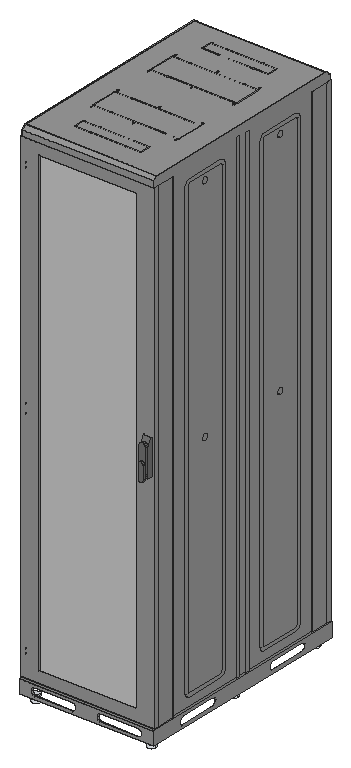
Revit family "600х1000", category Обобщенные модели, Revit 2019
Family settings
  Может служить основой для арматурных стержней = Нет
  Размер круглого соединителя = Использовать диаметр
  Тип детали = Нормальный
  На основе рабочей плоскости = Нет
  Всегда вертикально = Да
  При загрузке вырезать с полостями = Нет
  Общий = Нет
  Точка расчета площади = Нет
Parameters (values of type "ШТ-НП-С-47U-600-1000-ПП")
  Смещение от пола [instance] = 500 mm
  Описание = "Шкаф телекоммуникационный напольный серверный 19&quot;.47U(600x1000) . ШТ-НП-С-47U-600-1000-ПП передняя.задняя двери перфорированные ССД"
  Ноль = 0 mm  # constant formula
  Не двустворчатая дверь = not(Двустворчатая дверь)  # yes
  Материал крепежей = Металл
  Материал колес и ручек = Металл черный
  Материал каркаса = Металл
  Двустворчатая дверь = no
  Высота окна [instance] = ADSK_Размер_Высота - 40 mm - 62 mm - 7 mm + Ноль  # 2180 mm
  ADSK_Этаж [instance] = ""
  ADSK_Размер_Ширина [instance] = 600 mm  # constant formula
  ADSK_Размер_Глубина [instance] = 1000 mm  # constant formula
  ADSK_Размер_Высота = 2289 mm
  ADSK_Примечание [instance] = ""
  ADSK_Предел огнестойкости = ""
  ADSK_Позиция [instance] = ""
  ADSK_Обозначение = ""
  ADSK_Наименование краткое = "ШТ-НП-С-47U-600-1000-ПП"
  ADSK_Наименование = "Шкаф телекоммуникационный напольный серверный 19&quot;.47U(600x1000) . ШТ-НП-С-47U-600-1000-ПП передняя.задняя двери перфорированные ССД"
  ADSK_Масса_Текст = "110.0"
  ADSK_Марка [instance] = "ШТ-НП-С-47U-600-1000-ПП"
  ADSK_Количество [instance] = 1  # constant formula
  ADSK_Код изделия = "130411-00925"
  ADSK_Зона = ""
  ADSK_Завод-изготовитель = "АО СВЯЗЬСТРОЙДЕТАЛЬ"  # constant formula
  ADSK_Единица измерения = "шт"  # constant formula
  ADSK_URL страницы изделия = "https://www.ssd.ru/shkaf-telekommunikatsionnyy-napolnyy-servernyy-19-quot-47u-600x1000-sht-np-s-47u-600-1000-pp-perednya"
  ADSK_URL документации изделия = ""
Reference planes
  plane 1 "тттт": y = 0
  plane 2: z = 0
  plane 3 "УУУУ": x = 0
  plane 4: y = 500
  plane 5: y = -500
  plane 6: x = -300
  plane 7: x = 300
  plane 8: z = 500
  plane 9: x = -298
  plane 10: x = -296
  plane 11: x = 298
  plane 12: x = 296
  plane 13: z = 530
  plane 14: z = 592
  plane 15: z = 599
  plane 16: z = 2779
  plane 17: z = 2819
  plane 18: x = -260
  plane 19: y = -460
  plane 20: x = 260
  plane 21: y = -460
  plane 22: x = -260
  plane 23: y = 460
  plane 24: x = 260
  plane 25: y = 460
  plane 26: z = 520
  plane 27: z = 510
  plane 28: y = -455
  plane 29: y = 455
  plane 30: y = 475
  plane 31: y = -475
  plane 32: z = 2817
  plane 33: y = 475
  plane 34: z = 2749
  plane 35: z = 629
  plane 36: y = -445
  plane 37: y = 445
  plane 38: z = 1689
  plane 39: y = -495
  plane 40: y = 495
  plane 41: z = 2805
Forms (mm)
  Extrusion 1, void, not visible, detail levels fine
    sketch origin (-20, 0, 0) x (1, 0, 0) y (0, 0, 1)
      loop
        arc (-281.999, 290) -> (-261.999, 270) -> (-241.999, 290) r 20
        line (-241.999, 290) -> (-241.999, 370)
        arc (-241.999, 370) -> (-261.999, 390) -> (-281.999, 370) r 20
        line (-281.999, 370) -> (-281.999, 290)
    from 90 to 190
  Extrusion 2, void, not visible
    sketch origin (-20, 0, 225) x (1, 0, 0) y (0, 0, 1)
      loop
        circle (-261.999, 215) r 6.5
    from 90 to 190
  Extrusion 3, void, not visible, detail levels fine
    sketch origin (20, 0, 0) x (-1, 0, 0) y (0, 0, -1)
      loop
        line (-281.999, -290) -> (-281.999, -370)
        arc (-281.999, -370) -> (-261.999, -390) -> (-241.999, -370) r 20
        line (-241.999, -370) -> (-241.999, -290)
        arc (-241.999, -290) -> (-261.999, -270) -> (-281.999, -290) r 20
    from 90 to 190
  Extrusion 4, void, not visible
    sketch origin (20, 0, 225) x (-1, 0, 0) y (0, 0, -1)
      loop
        circle (-261.999, -215) r 6.5
    from 90 to 190
  Extrusion 5, void, not visible
    sketch origin (0, 0, 220) x (0, 1, 0) y (0, 0, 1)
      loop
        circle (-102, 220) r 3.036
      loop
        circle (-172.959, 220) r 3.036
      loop
        circle (-122, 237) r 3.036
      loop
        circle (-157.959, 237) r 3.036
      loop
        circle (-121.964, 203) r 3.036
      loop
        circle (-158.036, 203) r 3.036
      loop
        arc (-162.48, 75) -> (-137.48, 50) -> (-112.48, 75) r 25
        line (-112.48, 75) -> (-112.48, 145)
        arc (-112.48, 145) -> (-137.48, 170) -> (-162.48, 145) r 25
        line (-162.48, 145) -> (-162.48, 75)
    from -312 to 312
  Extrusion 6, solid, material "Металл" <- "Материал каркаса", detail levels medium+fine
    sketch origin (0, 0, 0) x (1, 0, 0) y (0, 0, 1)
      loop
        line (-298, 592) -> (-298, 530) -> (298, 530) -> (298, 592) -> (-298, 592)
      loop
        arc (-248, 561) -> (-242.728, 548.272) -> (-230, 543) r 18
        line (-230, 543) -> (-66, 543)
        arc (-66, 543) -> (-53.272, 548.272) -> (-48, 561) r 18
        arc (-48, 561) -> (-53.272, 573.728) -> (-66, 579) r 18
        line (-66, 579) -> (-230, 579)
        arc (-230, 579) -> (-242.728, 573.728) -> (-248, 561) r 18
      loop
        arc (248, 561) -> (242.728, 573.728) -> (230, 579) r 18
        line (230, 579) -> (66, 579)
        arc (66, 579) -> (53.272, 573.728) -> (48, 561) r 18
        arc (48, 561) -> (53.272, 548.272) -> (66, 543) r 18
        line (66, 543) -> (230, 543)
        arc (230, 543) -> (242.728, 548.272) -> (248, 561) r 18
    from 495 to 500
  Extrusion 7, solid, material "Металл" <- "Материал каркаса", detail levels medium+fine
    sketch origin (0, 0, 0) x (1, 0, 0) y (0, 0, 1)
      loop
        line (-298, 592) -> (-298, 530) -> (298, 530) -> (298, 592) -> (-298, 592)
      loop
        arc (-248, 561) -> (-242.728, 548.272) -> (-230, 543) r 18
        line (-230, 543) -> (-66, 543)
        arc (-66, 543) -> (-53.272, 548.272) -> (-48, 561) r 18
        arc (-48, 561) -> (-53.272, 573.728) -> (-66, 579) r 18
        line (-66, 579) -> (-230, 579)
        arc (-230, 579) -> (-242.728, 573.728) -> (-248, 561) r 18
      loop
        arc (248, 561) -> (242.728, 573.728) -> (230, 579) r 18
        line (230, 579) -> (66, 579)
        arc (66, 579) -> (53.272, 573.728) -> (48, 561) r 18
        arc (48, 561) -> (53.272, 548.272) -> (66, 543) r 18
        line (66, 543) -> (230, 543)
        arc (230, 543) -> (242.728, 548.272) -> (248, 561) r 18
    from -500 to -495
  Extrusion 8, solid, material "Металл" <- "Материал каркаса", detail levels medium+fine
    sketch origin (0, 0, 0) x (0, 1, 0) y (0, 0, 1)
      loop
        line (-500, 592) -> (-500, 530) -> (500, 530) -> (500, 592) -> (-500, 592)
      loop
        arc (-352, 561) -> (-346.728, 548.272) -> (-334, 543) r 18
        line (-334, 543) -> (-170, 543)
        arc (-170, 543) -> (-157.272, 548.272) -> (-152, 561) r 18
        arc (-152, 561) -> (-157.272, 573.728) -> (-170, 579) r 18
        line (-170, 579) -> (-334, 579)
        arc (-334, 579) -> (-346.728, 573.728) -> (-352, 561) r 18
      loop
        arc (352, 561) -> (346.728, 573.728) -> (334, 579) r 18
        line (334, 579) -> (170, 579)
        arc (170, 579) -> (157.272, 573.728) -> (152, 561) r 18
        arc (152, 561) -> (157.272, 548.272) -> (170, 543) r 18
        line (170, 543) -> (334, 543)
        arc (334, 543) -> (346.728, 548.272) -> (352, 561) r 18
    from 298 to 300
  Extrusion 9, solid, material "Металл" <- "Материал каркаса", detail levels medium+fine
    sketch origin (0, 0, 0) x (0, 1, 0) y (0, 0, 1)
      loop
        line (-500, 592) -> (-500, 530) -> (500, 530) -> (500, 592) -> (-500, 592)
      loop
        arc (-352, 561) -> (-346.728, 548.272) -> (-334, 543) r 18
        line (-334, 543) -> (-170, 543)
        arc (-170, 543) -> (-157.272, 548.272) -> (-152, 561) r 18
        arc (-152, 561) -> (-157.272, 573.728) -> (-170, 579) r 18
        line (-170, 579) -> (-334, 579)
        arc (-334, 579) -> (-346.728, 573.728) -> (-352, 561) r 18
      loop
        arc (352, 561) -> (346.728, 573.728) -> (334, 579) r 18
        line (334, 579) -> (170, 579)
        arc (170, 579) -> (157.272, 573.728) -> (152, 561) r 18
        arc (152, 561) -> (157.272, 548.272) -> (170, 543) r 18
        line (170, 543) -> (334, 543)
        arc (334, 543) -> (346.728, 548.272) -> (352, 561) r 18
    from -300 to -298
  Extrusion 10, solid, material "Металл" <- "Материал каркаса", detail levels medium+fine
    sketch origin (0, 0, 0) x (1, 0, 0) y (0, 1, 0)
      loop
        line (-298, 500) -> (-298, -500) -> (298, -500) -> (298, 500) -> (-298, 500)
    from 592 to 599
  Extrusion 11, solid, material "Металл" <- "Материал каркаса", detail levels medium+fine
    sketch origin (0, 0, 0) x (0, 1, 0) y (0, 0, 1)
      loop
        line (-475, 599) -> (475, 599) -> (475, 2779) -> (495, 2779) -> (495, 2805) -> (475, 2819) -> (-475, 2819) -> (-495, 2805) -> (-495, 2779) -> (-475, 2779) -> (-475, 599)
    from 296 to 298
  Extrusion 12, solid, material "Металл" <- "Материал каркаса", detail levels medium+fine
    sketch origin (0, 0, 0) x (0, 1, 0) y (0, 0, 1)
      loop
        line (475, 599) -> (475, 2779) -> (495, 2779) -> (495, 2805) -> (475, 2819) -> (-475, 2819) -> (-495, 2805) -> (-495, 2779) -> (-475, 2779) -> (-475, 599) -> (475, 599)
    from -298 to -296
  Extrusion 13, solid, material "Металл" <- "Материал каркаса", detail levels fine
    sketch origin (0, 0, 0) x (0, 1, 0) y (0, 0, 1)
      loop
        line (475, 2779) -> (399, 2779) -> (399, 2774) -> (394.5, 2774) -> (394.5, 604) -> (399, 604) -> (399, 599) -> (475, 599) -> (475, 2779)
      loop
        line (390, 2779) -> (390, 599) -> (393, 599) -> (393, 2779) -> (390, 2779)
      loop
        arc (323, 2703) -> (315.385, 2721.385) -> (297, 2729) r 26
        line (297, 2729) -> (126, 2729)
        arc (126, 2729) -> (107.615, 2721.385) -> (100, 2703) r 26
        line (100, 2703) -> (100, 668)
        arc (100, 668) -> (107.615, 649.615) -> (126, 642) r 26
        line (126, 642) -> (297, 642)
        arc (297, 642) -> (315.385, 649.615) -> (323, 668) r 26
        line (323, 668) -> (323, 2703)
      loop
        arc (310, 2703) -> (306.192, 2712.192) -> (297, 2716) r 13
        line (297, 2716) -> (126, 2716)
        arc (126, 2716) -> (116.808, 2712.192) -> (113, 2703) r 13
        line (113, 2703) -> (113, 668)
        arc (113, 668) -> (116.808, 658.808) -> (126, 655) r 13
        line (126, 655) -> (297, 655)
        arc (297, 655) -> (306.192, 658.808) -> (310, 668) r 13
        line (310, 668) -> (310, 2703)
      loop
        circle (211.5, 2686) r 12
      loop
        line (20, 2779) -> (20, 599) -> (33, 599) -> (33, 2779) -> (20, 2779)
      loop
        line (-475, 2779) -> (-475, 599) -> (-399, 599) -> (-399, 604) -> (-394.5, 604) -> (-394.5, 2774) -> (-399, 2774) -> (-399, 2779) -> (-475, 2779)
      loop
        line (-390, 2779) -> (-393, 2779) -> (-393, 599) -> (-390, 599) -> (-390, 2779)
      loop
        line (-323, 2703) -> (-323, 668)
        arc (-323, 668) -> (-315.385, 649.615) -> (-297, 642) r 26
        line (-297, 642) -> (-126, 642)
        arc (-126, 642) -> (-107.615, 649.615) -> (-100, 668) r 26
        line (-100, 668) -> (-100, 2703)
        arc (-100, 2703) -> (-107.615, 2721.385) -> (-126, 2729) r 26
        line (-126, 2729) -> (-297, 2729)
        arc (-297, 2729) -> (-315.385, 2721.385) -> (-323, 2703) r 26
      loop
        line (-310, 2703) -> (-310, 668)
        arc (-310, 668) -> (-306.192, 658.808) -> (-297, 655) r 13
        line (-297, 655) -> (-126, 655)
        arc (-126, 655) -> (-116.808, 658.808) -> (-113, 668) r 13
        line (-113, 668) -> (-113, 2703)
        arc (-113, 2703) -> (-116.808, 2712.192) -> (-126, 2716) r 13
        line (-126, 2716) -> (-297, 2716)
        arc (-297, 2716) -> (-306.192, 2712.192) -> (-310, 2703) r 13
      loop
        circle (-211.5, 2686) r 12
      loop
        line (-20, 2779) -> (-33, 2779) -> (-33, 599) -> (-20, 599) -> (-20, 2779)
      loop
        circle (211.5, 1650) r 12
      loop
        circle (-211.5, 1650) r 12
    from 298 to 300
  Extrusion 14, solid, material "Металл" <- "Материал каркаса", detail levels fine
    sketch origin (0, 0, 0) x (0, 1, 0) y (0, 0, 1)
      loop
        line (475, 2779) -> (399, 2779) -> (399, 2774) -> (394.5, 2774) -> (394.5, 604) -> (399, 604) -> (399, 599) -> (475, 599) -> (475, 2779)
      loop
        line (390, 2779) -> (390, 599) -> (393, 599) -> (393, 2779) -> (390, 2779)
      loop
        arc (323, 2703) -> (315.385, 2721.385) -> (297, 2729) r 26
        line (297, 2729) -> (126, 2729)
        arc (126, 2729) -> (107.615, 2721.385) -> (100, 2703) r 26
        line (100, 2703) -> (100, 668)
        arc (100, 668) -> (107.615, 649.615) -> (126, 642) r 26
        line (126, 642) -> (297, 642)
        arc (297, 642) -> (315.385, 649.615) -> (323, 668) r 26
        line (323, 668) -> (323, 2703)
      loop
        arc (310, 2703) -> (306.192, 2712.192) -> (297, 2716) r 13
        line (297, 2716) -> (126, 2716)
        arc (126, 2716) -> (116.808, 2712.192) -> (113, 2703) r 13
        line (113, 2703) -> (113, 668)
        arc (113, 668) -> (116.808, 658.808) -> (126, 655) r 13
        line (126, 655) -> (297, 655)
        arc (297, 655) -> (306.192, 658.808) -> (310, 668) r 13
        line (310, 668) -> (310, 2703)
      loop
        circle (211.5, 2686) r 12
      loop
        line (20, 2779) -> (20, 599) -> (33, 599) -> (33, 2779) -> (20, 2779)
      loop
        line (-475, 2779) -> (-475, 599) -> (-399, 599) -> (-399, 604) -> (-394.5, 604) -> (-394.5, 2774) -> (-399, 2774) -> (-399, 2779) -> (-475, 2779)
      loop
        line (-390, 2779) -> (-393, 2779) -> (-393, 599) -> (-390, 599) -> (-390, 2779)
      loop
        line (-323, 2703) -> (-323, 668)
        arc (-323, 668) -> (-315.385, 649.615) -> (-297, 642) r 26
        line (-297, 642) -> (-126, 642)
        arc (-126, 642) -> (-107.615, 649.615) -> (-100, 668) r 26
        line (-100, 668) -> (-100, 2703)
        arc (-100, 2703) -> (-107.615, 2721.385) -> (-126, 2729) r 26
        line (-126, 2729) -> (-297, 2729)
        arc (-297, 2729) -> (-315.385, 2721.385) -> (-323, 2703) r 26
      loop
        line (-310, 2703) -> (-310, 668)
        arc (-310, 668) -> (-306.192, 658.808) -> (-297, 655) r 13
        line (-297, 655) -> (-126, 655)
        arc (-126, 655) -> (-116.808, 658.808) -> (-113, 668) r 13
        line (-113, 668) -> (-113, 2703)
        arc (-113, 2703) -> (-116.808, 2712.192) -> (-126, 2716) r 13
        line (-126, 2716) -> (-297, 2716)
        arc (-297, 2716) -> (-306.192, 2712.192) -> (-310, 2703) r 13
      loop
        circle (-211.5, 2686) r 12
      loop
        line (-20, 2779) -> (-33, 2779) -> (-33, 599) -> (-20, 599) -> (-20, 2779)
      loop
        circle (211.5, 1650) r 12
      loop
        circle (-211.5, 1650) r 12
    from -300 to -298
  Extrusion 15, solid, material "Металл" <- "Материал каркаса", detail levels medium+fine
    sketch origin (0, 0, 0) x (1, 0, 0) y (0, 1, 0)
      loop
        line (-296, 475) -> (-296, -475) -> (296, -475) -> (296, 475) -> (-296, 475)
      loop
        line (-152, 385.088) -> (-152, 335.088) -> (-82.5, 335.088) -> (-82.5, 337.088) -> (-150, 337.088) -> (-150, 383.088) -> (-82.5, 383.088) -> (-82.5, 385.088) -> (-152, 385.088)
      loop
        line (148, 335.088) -> (148, 385.088) -> (80, 385.088) -> (80, 383.088) -> (146, 383.088) -> (146, 337.088) -> (80, 337.088) -> (80, 335.088) -> (148, 335.088)
      loop
        line (-197, 227.053) -> (-197, 102.053) -> (-122.5, 102.053) -> (-122.5, 104.053) -> (-195, 104.053) -> (-195, 225.053) -> (-122.5, 225.053) -> (-122.5, 227.053) -> (-197, 227.053)
      loop
        line (193, 102.053) -> (193, 227.053) -> (120, 227.053) -> (120, 225.053) -> (191, 225.053) -> (191, 104.053) -> (120, 104.053) -> (120, 102.053) -> (193, 102.053)
      loop
        line (-197, -97.947) -> (-197, -222.947) -> (-122.5, -222.947) -> (-122.5, -220.947) -> (-195, -220.947) -> (-195, -99.947) -> (-122.5, -99.947) -> (-122.5, -97.947) -> (-197, -97.947)
      loop
        line (193, -222.947) -> (193, -97.947) -> (120, -97.947) -> (120, -99.947) -> (191, -99.947) -> (191, -220.947) -> (120, -220.947) -> (120, -222.947) -> (193, -222.947)
      loop
        line (-152, -330.982) -> (-152, -380.947) -> (-82.5, -380.947) -> (-82.5, -378.947) -> (-150, -378.947) -> (-150, -332.982) -> (-82.5, -332.982) -> (-82.5, -330.982) -> (-152, -330.982)
      loop
        line (148, -380.947) -> (148, -330.982) -> (80, -330.982) -> (80, -332.982) -> (146, -332.982) -> (146, -378.947) -> (80, -378.947) -> (80, -380.947) -> (148, -380.947)
      loop
        circle (-192, -85.447) r 3.25
      loop
        circle (-192, -235.447) r 3.25
      loop
        circle (-2, -235.447) r 3.25
      loop
        circle (188, -235.447) r 3.25
      loop
        circle (-2, -85.447) r 3.25
      loop
        circle (188, -85.447) r 3.25
      loop
        circle (-192, 89.553) r 3.25
      loop
        circle (-2, 89.553) r 3.25
      loop
        circle (188, 89.553) r 3.25
      loop
        circle (-192, 239.553) r 3.25
      loop
        circle (-2, 239.553) r 3.25
      loop
        circle (188, 239.553) r 3.25
      loop
        line (-80, -330.982) -> (-80, -332.982) -> (77.5, -332.982) -> (77.5, -330.982) -> (-80, -330.982)
      loop
        line (-80, -378.947) -> (-80, -380.947) -> (77.5, -380.947) -> (77.5, -378.947) -> (-80, -378.947)
      loop
        line (-120, -97.947) -> (-120, -99.947) -> (117.5, -99.947) -> (117.5, -97.947) -> (-120, -97.947)
      loop
        line (-120, -220.947) -> (-120, -222.947) -> (117.5, -222.947) -> (117.5, -220.947) -> (-120, -220.947)
      loop
        line (-80, 383.088) -> (77.5, 383.088) -> (77.5, 385.088) -> (-80, 385.088) -> (-80, 383.088)
      loop
        line (77.5, 335.088) -> (77.5, 337.088) -> (-80, 337.088) -> (-80, 335.088) -> (77.5, 335.088)
      loop
        line (-120, 225.053) -> (117.5, 225.053) -> (117.5, 227.053) -> (-120, 227.053) -> (-120, 225.053)
      loop
        line (-120, 102.053) -> (117.5, 102.053) -> (117.5, 104.053) -> (-120, 104.053) -> (-120, 102.053)
    from 2817 to 2819
  Extrusion 16, solid, material "Металл" <- "Материал крепежей", detail levels fine
    sketch origin (0, 0, 0) x (1, 0, 0) y (0, 1, 0)
      loop
        line (-260, 445) -> (-260, 430) -> (-257, 430) -> (-257, 442) -> (-245, 442) -> (-245, 445) -> (-260, 445)
      loop
        line (260, 445) -> (245, 445) -> (245, 442) -> (257, 442) -> (257, 430) -> (260, 430) -> (260, 445)
      loop
        line (-260, -445) -> (-245, -445) -> (-245, -442) -> (-257, -442) -> (-257, -430) -> (-260, -430) -> (-260, -445)
      loop
        line (260, -445) -> (260, -430) -> (257, -430) -> (257, -442) -> (245, -442) -> (245, -445) -> (260, -445)
      loop
        line (-260, 15) -> (-260, 0) -> (-260, -15) -> (-245, -15) -> (-245, -12) -> (-257, -12) -> (-257, 0) -> (-257, 12) -> (-245, 12) -> (-245, 15) -> (-260, 15)
      loop
        line (260, 15) -> (245, 15) -> (245, 12) -> (257, 12) -> (257, 0) -> (257, -12) -> (245, -12) -> (245, -15) -> (260, -15) -> (260, 0) -> (260, 15)
    from 599 to 2779
  Extrusion 17, solid, material "Металл" <- "Материал крепежей", detail levels fine
    sketch origin (0, 0, 0) x (1, 0, 0) y (0, 0, 1)
      loop
        line (-260, 654) -> (-270, 654) -> (-270, 664) -> (-280, 664) -> (-280, 661) -> (-273, 661) -> (-273, 651) -> (-262.989, 651) -> (-262.989, 642) -> (-273, 642) -> (-273, 632) -> (-280, 632) -> (-280, 629) -> (-270, 629) -> (-270, 639) -> (-260, 639) -> (-260, 654)
      loop
        line (260, 654) -> (260, 639) -> (270, 639) -> (270, 629) -> (280, 629) -> (280, 632) -> (273, 632) -> (273, 642) -> (262.989, 642) -> (262.989, 651) -> (273, 651) -> (273, 661) -> (280, 661) -> (280, 664) -> (270, 664) -> (270, 654) -> (260, 654)
      loop
        line (-260, 2739) -> (-270, 2739) -> (-270, 2749) -> (-280, 2749) -> (-280, 2746) -> (-273, 2746) -> (-273, 2736) -> (-262.989, 2736) -> (-262.989, 2727) -> (-273, 2727) -> (-273, 2717) -> (-280, 2717) -> (-280, 2714) -> (-270, 2714) -> (-270, 2724) -> (-260, 2724) -> (-260, 2739)
      loop
        line (260, 2739) -> (260, 2724) -> (270, 2724) -> (270, 2714) -> (280, 2714) -> (280, 2717) -> (273, 2717) -> (273, 2727) -> (262.989, 2727) -> (262.989, 2736) -> (273, 2736) -> (273, 2746) -> (280, 2746) -> (280, 2749) -> (270, 2749) -> (270, 2739) -> (260, 2739)
      loop
        line (-260, 1714) -> (-270, 1714) -> (-270, 1724) -> (-280, 1724) -> (-280, 1721) -> (-273, 1721) -> (-273, 1711) -> (-262.989, 1711) -> (-262.989, 1702) -> (-273, 1702) -> (-273, 1692) -> (-280, 1692) -> (-280, 1689) -> (-270, 1689) -> (-270, 1699) -> (-260, 1699) -> (-260, 1714)
      loop
        line (260, 1714) -> (260, 1699) -> (270, 1699) -> (270, 1689) -> (280, 1689) -> (280, 1692) -> (273, 1692) -> (273, 1702) -> (262.989, 1702) -> (262.989, 1711) -> (273, 1711) -> (273, 1721) -> (280, 1721) -> (280, 1724) -> (270, 1724) -> (270, 1714) -> (260, 1714)
    from -475 to 460
  Extrusion 18, solid, material "Металл" <- "Материал каркаса", detail levels medium+fine
    sketch origin (0, 0, 0) x (0, 1, 0) y (0, 0, 1)
      loop
        line (475, 2819) -> (475, 2779) -> (495, 2779) -> (495, 2805) -> (475, 2819)
      loop
        line (-495, 2779) -> (-475, 2779) -> (-475, 2819) -> (-495, 2805) -> (-495, 2779)
    from -296 to 296
  Extrusion 19, solid, material "Металл" <- "Материал каркаса", detail levels coarse
    sketch origin (0, 0, 0) x (1, 0, 0) y (0, 1, 0)
      loop
        line (-300, 500) -> (-300, -500) -> (300, -500) -> (300, 500) -> (-300, 500)
    from 500 to 2819
Cuts and joins
  joined: Extrusion 11, Extrusion 12
  joined: Extrusion 6, Extrusion 7, Extrusion 8, Extrusion 9
Dimensions and locks
  equal spacing: plane 5, plane 1 "тттт", plane 4
  "ADSK_Размер_Глубина": plane 5 to plane 4
  equal spacing: plane 6, plane 3 "УУУУ", plane 7
  "ADSK_Размер_Ширина": plane 6 to plane 7
  "Смещение от пола": plane 8 to plane 2
  locked: plane 6 to plane 9 at 2
  locked: plane 9 to plane 10 at 2
  locked: plane 11 to plane 7 at 2
  locked: plane 12 to plane 11 at 2
  locked: plane 13 to plane 8 at 30
  locked: plane 14 to plane 13 at 62
  locked: plane 15 to plane 14 at 7
  "Высота окна": plane 16 to plane 15
  locked: plane 17 to plane 16 at 40
  locked: plane 19 to plane 5 at 40
  locked: plane 6 to plane 18 at 40
  locked: plane 20 to plane 7 at 40
  locked: plane 21 to plane 5 at 40
  locked: plane 6 to plane 22 at 40
  locked: plane 23 to plane 4 at 40
  locked: plane 24 to plane 7 at 40
  locked: plane 25 to plane 4 at 40
  locked: plane 13 to plane 26 at 10
  locked: plane 26 to plane 27 at 10
  locked: plane 5 to plane 28 at 45
  locked: plane 29 to plane 4 at 45
  locked: plane 4 to plane 30 at 25
  locked: plane 31 to plane 5 at 25
  locked: plane 32 to plane 17 at 2
  locked: Extrusion 14 sketch curve to plane 16 at 50
  locked: plane 15 to Extrusion 14 sketch curve at 43  (x2)
  locked: Extrusion 14 sketch curve to Extrusion 14 sketch curve at 13  (x8)
  locked: plane 16 to Extrusion 14 sketch curve at 50
  locked: cut or joined group of Extrusion 11, Extrusion 12 to Extrusion 14 sketch curve at 80.5
  locked: Extrusion 14 sketch curve to Extrusion 14 sketch curve at 4.5  (x2)
  locked: Extrusion 14 sketch curve to cut or joined group of Extrusion 11, Extrusion 12 at 80.5
  locked: Extrusion 14 sketch curve to Extrusion 14 sketch curve at 67  (x4)
  equal spacing: Extrusion 14 sketch curve, plane 1 "тттт", Extrusion 14 sketch curve
  locked: plane 33 to plane 4 at 25
  locked: plane 31 to Extrusion 13 sketch curve at 80.5
  locked: Extrusion 13 sketch curve to Extrusion 13 sketch curve at 4.5  (x2)
  locked: Extrusion 13 sketch curve to Extrusion 13 sketch curve at 67  (x4)
  locked: Extrusion 13 sketch curve to Extrusion 13 sketch curve at 13  (x6)
  locked: Extrusion 13 sketch curve to plane 1 "тттт" at 20
  locked: plane 1 "тттт" to Extrusion 13 sketch curve at 20
  locked: Extrusion 13 sketch curve to plane 33 at 80.5
  locked: Extrusion 6 sketch curve to Extrusion 6 sketch curve at 200  (x2)
  equal spacing: Extrusion 6 sketch curve, plane 3 "УУУУ", Extrusion 6 sketch curve
  locked: Extrusion 7 sketch curve to Extrusion 7 sketch curve at 200  (x2)
  equal spacing: Extrusion 7 sketch curve, plane 3 "УУУУ", Extrusion 7 sketch curve
  locked: plane 16 to plane 34 at 30
  locked: plane 35 to plane 15 at 30
  locked: plane 5 to plane 36 at 55
  locked: plane 4 to plane 37 at 55
  equal spacing: plane 16, plane 38, plane 15
  locked: plane 39 to plane 31 at 20
  locked: plane 40 to plane 4 at 5
  locked: plane 41 to plane 17 at 14
  aligned and locked: level to plane 2
  aligned and locked: nested 2 to plane 18
  aligned and locked: nested 2 to plane 19
  aligned and locked: nested 1 to plane 21
  aligned and locked: plane 20 to nested 1
  aligned and locked: plane 1 "тттт" to nested 5
  aligned and locked: plane 1 "тттт" to nested 6
  aligned and locked: plane 25 to nested 4
  aligned and locked: nested 6 to plane 18
  aligned and locked: plane 20 to nested 5
  aligned and locked: plane 24 to nested 4
  aligned and locked: plane 13 to nested 2
  aligned and locked: plane 13 to nested 1
  aligned and locked: plane 13 to nested 6
  aligned and locked: plane 13 to nested 5
  aligned and locked: plane 13 to nested 3
  aligned and locked: plane 13 to nested 4
  aligned and locked: plane 14 to Extrusion 6 sketch curve
  aligned and locked: Extrusion 6 sketch curve to plane 13
  aligned and locked: Extrusion 6 sketch curve to plane 11
  aligned and locked: plane 9 to Extrusion 6 sketch curve
  aligned and locked: plane 14 to Extrusion 7 sketch curve
  aligned and locked: Extrusion 7 sketch curve to plane 13
  aligned and locked: Extrusion 8 sketch curve to Extrusion 6  (x2)
  aligned and locked: Extrusion 8 sketch curve to Extrusion 7
  aligned and locked: plane 7 to Extrusion 8
  aligned and locked: Extrusion 8 to plane 11
  aligned and locked: Extrusion 9 to plane 6
  aligned and locked: plane 9 to Extrusion 9
  aligned and locked: plane 14 to Extrusion 9 sketch curve
  aligned and locked: Extrusion 9 sketch curve to plane 5
  aligned and locked: Extrusion 9 sketch curve to plane 13
  aligned and locked: Extrusion 10 sketch curve to plane 5
  aligned and locked: Extrusion 8 to Extrusion 10 sketch curve
  aligned and locked: plane 9 to Extrusion 10 sketch curve
  aligned and locked: Extrusion 10 to plane 15
  aligned and locked: plane 14 to Extrusion 10
  aligned and locked: plane 15 to Extrusion 11 sketch curve
  aligned and locked: plane 11 to Extrusion 11
  aligned and locked: Extrusion 11 to plane 12
  aligned and locked: Extrusion 12 sketch curve to plane 15
  aligned and locked: Extrusion 12 sketch curve to plane 30
  aligned and locked: Extrusion 12 sketch curve to plane 31
  aligned and locked: Extrusion 12 to plane 9
  aligned and locked: plane 10 to Extrusion 12
  aligned and locked: Extrusion 13 to plane 11
  aligned and locked: plane 7 to Extrusion 13
  aligned and locked: Extrusion 14 to plane 6
  aligned and locked: plane 9 to Extrusion 14
  aligned and locked: plane 10 to Extrusion 15 sketch curve
  aligned and locked: Extrusion 15 sketch curve to plane 12
  aligned and locked: plane 32 to Extrusion 15
  aligned and locked: Extrusion 15 to plane 17
  aligned and locked: plane 16 to Extrusion 14 sketch curve
  aligned and locked: plane 30 to Extrusion 14 sketch curve
  aligned and locked: plane 31 to Extrusion 14 sketch curve
  aligned and locked: Extrusion 13 sketch curve to plane 31
  aligned and locked: Extrusion 13 sketch curve to plane 33
  aligned and locked: plane 15 to Extrusion 13 sketch curve  (x2)
  aligned and locked: Extrusion 13 sketch curve to plane 16
  aligned and locked: plane 16 to Extrusion 13 sketch curve
  aligned and locked: plane 22 to Extrusion 16 sketch curve
  aligned and locked: Extrusion 16 sketch curve to plane 37
  aligned and locked: plane 37 to Extrusion 16 sketch curve
  aligned and locked: Extrusion 16 sketch curve to plane 24
  aligned and locked: Extrusion 16 sketch curve to plane 18  (x2)
  aligned and locked: Extrusion 16 sketch curve to plane 36
  aligned and locked: plane 36 to Extrusion 16 sketch curve
  aligned and locked: plane 20 to Extrusion 16 sketch curve  (x2)
  aligned and locked: Extrusion 16 to plane 16
  aligned and locked: plane 15 to Extrusion 16
  aligned and locked: Extrusion 17 sketch curve to plane 35
  aligned and locked: plane 35 to Extrusion 17 sketch curve
  aligned and locked: plane 38 to Extrusion 17 sketch curve
  aligned and locked: Extrusion 17 sketch curve to plane 38
  aligned and locked: Extrusion 17 sketch curve to plane 34
  aligned and locked: plane 34 to Extrusion 17 sketch curve
  aligned and locked: Extrusion 17 to plane 30
  aligned and locked: Extrusion 17 to plane 19
  aligned and locked: nested 3 to plane 22
  aligned and locked: plane 23 to nested 3
  aligned and locked: plane 16 to nested 7
  aligned and locked: plane 15 to nested 7
  aligned and locked: nested 7 to plane 6
  aligned and locked: plane 7 to nested 7
  aligned and locked: plane 16 to nested 8
  aligned and locked: plane 15 to nested 8
  aligned and locked: nested 8 to plane 7
  aligned and locked: nested 8 to plane 6
  aligned and locked: nested 8 to plane 33
  aligned and locked: Extrusion 12 sketch curve to plane 17
  aligned and locked: Extrusion 11 sketch curve to plane 31
  aligned and locked: Extrusion 11 sketch curve to plane 33
  aligned and locked: Extrusion 11 sketch curve to Extrusion 13
  aligned and locked: cut or joined group of Extrusion 11, Extrusion 12 to plane 17
  aligned and locked: plane 16 to cut or joined group of Extrusion 11, Extrusion 12  (x2)
  aligned and locked: plane 39 to Extrusion 11 sketch curve
  aligned and locked: Extrusion 11 sketch curve to plane 17
  aligned and locked: plane 41 to Extrusion 11 sketch curve  (x2)
  aligned and locked: plane 17 to Extrusion 11 sketch curve
  aligned and locked: Extrusion 12 sketch curve to plane 16
  aligned and locked: plane 16 to Extrusion 12 sketch curve
  aligned and locked: plane 39 to Extrusion 12 sketch curve
  aligned and locked: plane 40 to Extrusion 12 sketch curve
  aligned and locked: Extrusion 12 sketch curve to plane 40
  aligned and locked: plane 17 to Extrusion 12 sketch curve
  aligned and locked: plane 41 to Extrusion 12 sketch curve
  aligned and locked: plane 4 to Extrusion 8 sketch curve
  aligned and locked: plane 4 to Extrusion 10 sketch curve
  aligned and locked: plane 4 to Extrusion 9 sketch curve
  aligned and locked: Extrusion 6 to nested 7
  aligned and locked: plane 11 to Extrusion 7 sketch curve
  aligned and locked: Extrusion 7 sketch curve to plane 9
  aligned and locked: plane 40 to Extrusion 7
  aligned and locked: Extrusion 7 to plane 4
  aligned and locked: Extrusion 6 to plane 39
  aligned and locked: plane 5 to Extrusion 6
  aligned and locked: plane 30 to Extrusion 15 sketch curve
  aligned and locked: Extrusion 15 sketch curve to plane 31
  aligned and locked: Extrusion 18 sketch curve to plane 16  (x2)
  aligned and locked: plane 40 to Extrusion 18 sketch curve
  aligned and locked: plane 41 to Extrusion 18 sketch curve
  aligned and locked: plane 33 to Extrusion 18 sketch curve
  aligned and locked: plane 39 to Extrusion 18 sketch curve
  aligned and locked: plane 31 to Extrusion 18 sketch curve
  aligned and locked: Extrusion 18 to plane 12
  aligned and locked: plane 10 to Extrusion 18
  aligned and locked: nested 9 to plane 16
  aligned and locked: nested 9 to plane 15
  aligned and locked: nested 9 to plane 6
  aligned and locked: nested 9 to plane 7
  aligned and locked: plane 33 to nested 9
  aligned and locked: nested 10 to plane 17
  aligned and locked: plane 13 to nested 10
  aligned and locked: nested 10 to plane 7
  aligned and locked: nested 10 to plane 6
  aligned and locked: nested 11 to plane 17
  aligned and locked: plane 13 to nested 11
  aligned and locked: nested 11 to plane 4
  aligned and locked: nested 11 to plane 5
  aligned and locked: nested 12 to plane 4
  aligned and locked: plane 5 to nested 12
  aligned and locked: plane 6 to nested 12
  aligned and locked: plane 7 to nested 12
  aligned and locked: Extrusion 19 sketch curve to nested 12  (x4)
  aligned and locked: Extrusion 19 to plane 17
  aligned and locked: plane 8 to Extrusion 19
Automatic sketch dimensions
  Extrusion 5 sketch curve to Extrusion 5 sketch curve = 10.48 mm
  Extrusion 5 sketch curve to Extrusion 5 sketch curve = 14.924 mm
  Extrusion 5 sketch curve to Extrusion 5 sketch curve = 15 mm
  Extrusion 5 sketch curve to Extrusion 5 sketch curve = 25 mm
  Extrusion 5 sketch curve to Extrusion 5 sketch curve = 35.959 mm
  Extrusion 5 sketch curve to Extrusion 5 sketch curve = 0.036 mm
  Extrusion 5 sketch curve to Extrusion 5 sketch curve = 19.964 mm
  Extrusion 5 sketch curve to Extrusion 5 sketch curve = 70 mm
  Extrusion 5 sketch curve to Extrusion 5 sketch curve = 58 mm
  Extrusion 5 sketch curve to Extrusion 5 sketch curve = 0 mm
  Extrusion 5 sketch curve to Extrusion 5 sketch curve = 17 mm  (x4)
  Extrusion 1 sketch curve to Extrusion 1 sketch curve = 20 mm
  Extrusion 1 sketch curve to Extrusion 1 sketch curve = 80 mm
  Extrusion 3 sketch curve to Extrusion 3 sketch curve = 20 mm
  Extrusion 3 sketch curve to Extrusion 3 sketch curve = 80 mm
  Extrusion 6 sketch curve to Extrusion 6 sketch curve = 0 mm  (x8)
  Extrusion 6 sketch curve to plane 13 = 13 mm  (x2)
  plane 14 to Extrusion 6 sketch curve = 13 mm
  Extrusion 6 sketch curve to Extrusion 6 sketch curve = 18 mm
  Extrusion 7 sketch curve to Extrusion 7 sketch curve = 0 mm  (x4)
  Extrusion 7 sketch curve to plane 13 = 13 mm  (x2)
  plane 14 to Extrusion 7 sketch curve = 13 mm
  Extrusion 7 sketch curve to Extrusion 7 sketch curve = 18 mm
  Extrusion 6 sketch curve to plane 18 = 30 mm
  Extrusion 7 sketch curve to plane 18 = 30 mm
  plane 1 "тттт" to Extrusion 16 sketch curve = 0 mm  (x4)
  Extrusion 16 sketch curve to plane 18 = 3 mm  (x3)
  Extrusion 16 sketch curve to Extrusion 16 sketch curve = 12 mm  (x7)
  Extrusion 16 sketch curve to plane 20 = 15 mm  (x3)
  plane 36 to Extrusion 16 sketch curve = 3 mm  (x2)
  Extrusion 16 sketch curve to plane 37 = 3 mm  (x2)
  Extrusion 16 sketch curve to Extrusion 16 sketch curve = 15 mm
  Extrusion 16 sketch curve to plane 20 = 3 mm  (x2)
  Extrusion 16 sketch curve to Extrusion 16 sketch curve = 3 mm  (x5)
  plane 1 "тттт" to Extrusion 16 sketch curve = 15 mm  (x2)
  Extrusion 16 sketch curve to plane 1 "тттт" = 12 mm  (x2)
  Extrusion 16 sketch curve to plane 37 = 15 mm
  Extrusion 17 sketch curve to plane 18 = 0 mm
  plane 18 to Extrusion 17 sketch curve = 0 mm  (x2)
  Extrusion 17 sketch curve to plane 20 = 0 mm  (x3)
  plane 18 to Extrusion 17 sketch curve = 2.989 mm  (x3)
  plane 18 to Extrusion 17 sketch curve = 10 mm  (x4)
  Extrusion 17 sketch curve to Extrusion 17 sketch curve = 7.011 mm  (x5)
  Extrusion 17 sketch curve to Extrusion 17 sketch curve = 3 mm  (x35)
  Extrusion 17 sketch curve to Extrusion 17 sketch curve = 7 mm  (x19)
  Extrusion 17 sketch curve to plane 35 = 3 mm
  plane 20 to Extrusion 17 sketch curve = 2.989 mm  (x3)
  plane 20 to Extrusion 17 sketch curve = 10 mm  (x3)
  Extrusion 17 sketch curve to plane 35 = 10 mm
  Extrusion 17 sketch curve to Extrusion 17 sketch curve = 9 mm  (x4)
  Extrusion 17 sketch curve to plane 38 = 10 mm  (x2)
  Extrusion 17 sketch curve to plane 38 = 22 mm  (x2)
  Extrusion 17 sketch curve to Extrusion 17 sketch curve = 10 mm  (x2)
  Extrusion 12 sketch curve to plane 31 = 0 mm
  Extrusion 12 sketch curve to plane 30 = 0 mm
  plane 41 to Extrusion 12 sketch curve = 0 mm
  Extrusion 8 sketch curve to Extrusion 8 sketch curve = 0 mm  (x4)
  Extrusion 8 sketch curve to plane 13 = 31 mm  (x2)
  plane 36 to Extrusion 8 sketch curve = 111 mm
  plane 14 to Extrusion 8 sketch curve = 13 mm
  Extrusion 8 sketch curve to Extrusion 8 sketch curve = 164 mm
  Extrusion 8 sketch curve to plane 1 "тттт" = 170 mm
  Extrusion 8 sketch curve to plane 37 = 111 mm
  Extrusion 8 sketch curve to plane 13 = 13 mm
  Extrusion 9 sketch curve to Extrusion 9 sketch curve = 0 mm  (x4)
  Extrusion 9 sketch curve to plane 13 = 31 mm  (x2)
  plane 36 to Extrusion 9 sketch curve = 111 mm
  plane 14 to Extrusion 9 sketch curve = 13 mm
  Extrusion 9 sketch curve to Extrusion 9 sketch curve = 164 mm
  Extrusion 9 sketch curve to plane 1 "тттт" = 170 mm
  Extrusion 9 sketch curve to plane 37 = 111 mm
  Extrusion 9 sketch curve to plane 13 = 13 mm
  Extrusion 15 sketch curve to plane 18 = 63 mm  (x2)
  Extrusion 15 sketch curve to Extrusion 15 sketch curve = 2 mm  (x32)
  Extrusion 15 sketch curve to Extrusion 15 sketch curve = 5 mm  (x4)
  Extrusion 15 sketch curve to plane 18 = 108 mm
  Extrusion 15 sketch curve to Extrusion 15 sketch curve = 40 mm
  Extrusion 15 sketch curve to Extrusion 15 sketch curve = 69.5 mm  (x4)
  Extrusion 15 sketch curve to Extrusion 15 sketch curve = 2.5 mm  (x16)
  Extrusion 15 sketch curve to Extrusion 15 sketch curve = 67.5 mm  (x2)
  Extrusion 15 sketch curve to Extrusion 15 sketch curve = 0 mm  (x15)
  Extrusion 15 sketch curve to plane 3 "УУУУ" = 2 mm  (x4)
  plane 3 "УУУУ" to Extrusion 15 sketch curve = 77.5 mm  (x2)
  Extrusion 15 sketch curve to Extrusion 15 sketch curve = 37.5 mm  (x2)
  plane 3 "УУУУ" to Extrusion 15 sketch curve = 117.5 mm  (x2)
  Extrusion 15 sketch curve to Extrusion 15 sketch curve = 66 mm  (x2)
  Extrusion 15 sketch curve to Extrusion 15 sketch curve = 68 mm  (x4)
  Extrusion 15 sketch curve to Extrusion 15 sketch curve = 3 mm  (x2)
  plane 36 to Extrusion 15 sketch curve = 64.053 mm  (x2)
  Extrusion 15 sketch curve to Extrusion 15 sketch curve = 45.965 mm
  Extrusion 15 sketch curve to Extrusion 15 sketch curve = 95.535 mm  (x3)
  Extrusion 15 sketch curve to Extrusion 15 sketch curve = 12.5 mm  (x9)
  plane 1 "тттт" to Extrusion 15 sketch curve = 99.947 mm  (x2)
  plane 1 "тттт" to Extrusion 15 sketch curve = 85.447 mm
  Extrusion 15 sketch curve to plane 1 "тттт" = 89.553 mm  (x3)
  Extrusion 15 sketch curve to Extrusion 15 sketch curve = 121 mm
  Extrusion 15 sketch curve to plane 37 = 109.912 mm
  Extrusion 15 sketch curve to Extrusion 15 sketch curve = 46 mm  (x2)
  plane 41 to Extrusion 18 sketch curve = 0 mm
  plane 17 to Extrusion 18 sketch curve = 0 mm  (x2)
  Extrusion 14 sketch curve to Extrusion 14 sketch curve = 0 mm  (x17)
  plane 15 to Extrusion 14 sketch curve = 0 mm  (x6)
  plane 16 to Extrusion 14 sketch curve = 0 mm  (x5)
  Extrusion 14 sketch curve to Extrusion 14 sketch curve = 4.5 mm  (x2)
  Extrusion 14 sketch curve to Extrusion 14 sketch curve = 3 mm  (x2)
  Extrusion 14 sketch curve to Extrusion 14 sketch curve = 13 mm  (x7)
  Extrusion 14 sketch curve to Extrusion 14 sketch curve = 85.5 mm  (x2)
  plane 38 to Extrusion 14 sketch curve = 39 mm  (x2)
  plane 1 "тттт" to Extrusion 14 sketch curve = 211.5 mm
  Extrusion 14 sketch curve to plane 35 = 39 mm
  plane 1 "тттт" to Extrusion 14 sketch curve = 126 mm
  Extrusion 14 sketch curve to plane 1 "тттт" = 211.5 mm
  Extrusion 14 sketch curve to Extrusion 14 sketch curve = 6 mm  (x2)
  Extrusion 14 sketch curve to plane 15 = 5 mm  (x2)
  plane 34 to Extrusion 14 sketch curve = 63 mm  (x2)
  Extrusion 14 sketch curve to Extrusion 14 sketch curve = 5 mm  (x2)
  Extrusion 11 sketch curve to plane 31 = 0 mm
  Extrusion 11 sketch curve to plane 30 = 0 mm
  Extrusion 11 sketch curve to plane 40 = 0 mm
  plane 16 to Extrusion 11 sketch curve = 0 mm
  Extrusion 13 sketch curve to Extrusion 13 sketch curve = 0 mm  (x17)
  plane 15 to Extrusion 13 sketch curve = 0 mm  (x4)
  plane 16 to Extrusion 13 sketch curve = 0 mm  (x4)
  Extrusion 13 sketch curve to Extrusion 13 sketch curve = 4.5 mm  (x3)
  Extrusion 13 sketch curve to Extrusion 13 sketch curve = 3 mm  (x2)
  Extrusion 13 sketch curve to Extrusion 13 sketch curve = 13 mm  (x8)
  plane 38 to Extrusion 13 sketch curve = 39 mm  (x2)
  plane 1 "тттт" to Extrusion 13 sketch curve = 211.5 mm
  Extrusion 13 sketch curve to Extrusion 13 sketch curve = 85.5 mm  (x2)
  Extrusion 13 sketch curve to plane 1 "тттт" = 211.5 mm
  Extrusion 13 sketch curve to Extrusion 13 sketch curve = 6 mm
  Extrusion 13 sketch curve to plane 15 = 5 mm  (x2)
  Extrusion 13 sketch curve to plane 35 = 13 mm  (x2)
  plane 34 to Extrusion 13 sketch curve = 63 mm  (x2)
  plane 34 to Extrusion 13 sketch curve = 46 mm  (x2)
  Extrusion 13 sketch curve to Extrusion 13 sketch curve = 5 mm  (x2)
  radius of Extrusion 5 sketch curve = 3.036 mm  (x6)
  radius of Extrusion 2 sketch curve = 6.5 mm
  radius of Extrusion 4 sketch curve = 6.5 mm
  radius of Extrusion 15 sketch curve = 3.25 mm  (x12)
  radius of Extrusion 14 sketch curve = 12 mm  (x4)
  radius of Extrusion 13 sketch curve = 12 mm  (x4)
Nested families
  nested 1: "Стойка" at (260, -460, 500), type "Стойка", detail levels medium+fine
    with Материал по экземпляру none
  nested 2: "Стойка" at (-260, -460, 500), type "Стойка", detail levels medium+fine
    with Материал по экземпляру none
  nested 3: "Стойка" at (-260, 460, 500), type "Стойка", detail levels medium+fine
    with Материал по экземпляру none
  nested 4: "Стойка" at (260, 460, 500), type "Стойка", detail levels medium+fine
    with Материал по экземпляру none
  nested 5: "Стойка" at (260, 0, 500), type "Стойка", detail levels medium+fine
    with Материал по экземпляру none
  nested 6: "Стойка" at (-260, 0, 500), type "Стойка", detail levels medium+fine
    with Материал по экземпляру none
  nested 7: "Дверь" at (0, -475, 299), ADSK_Размер_Высота <- "Высота окна", ADSK_Размер_Ширина <- "ADSK_Размер_Ширина", Материал каркаса <- "Материал каркаса", Материал ручки <- "Материал колес и ручек", type "Перфарированная дверь", detail levels medium+fine
    with Материал ручки Металл черный, Материал каркаса Металл, ADSK_Размер_Ширина 600 mm, ADSK_Размер_Высота 2180 mm
  nested 8: "Дверь" at (0, 475, 299) x (-1, 0, 0) z (0, 0, 1), ADSK_Размер_Высота <- "Высота окна", ADSK_Размер_Ширина <- "ADSK_Размер_Ширина", Материал каркаса <- "Материал каркаса", Материал ручки <- "Материал колес и ручек", visible <- "Не двустворчатая дверь", type "Перфарированная дверь", detail levels medium+fine
    with Материал ручки Металл черный, Материал каркаса Металл, ADSK_Размер_Ширина 600 mm, ADSK_Размер_Высота 2180 mm
  nested 9: "Дверь двустворчатая" at (0, 475, 299), Материал каркаса <- "Материал каркаса", Материал ручки <- "Материал колес и ручек", ADSK_Размер_Высота <- "Высота окна", ADSK_Размер_Ширина <- "ADSK_Размер_Ширина", visible <- "Двустворчатая дверь", type "Двустворчатая дверь", detail levels medium+fine
    with Материал ручки Металл черный, Материал каркаса Металл, ADSK_Размер_Ширина 600 mm, ADSK_Размер_Высота 2180 mm
  nested 10: "ЭУ_ДВЕРЬ" at (0, 0, 1674.5) x (1, 0, 0) z (0, -1, 0), ADSK_Размер_Высота <- "ADSK_Размер_Высота", ADSK_Размер_Ширина <- "ADSK_Размер_Ширина", type "ЭУ_ДВЕРЬ", detail levels coarse
    with Глубина_Р 120 mm, ADSK_Размер_Ширина 600 mm, ADSK_Размер_Высота 2289 mm
  nested 11: "ЭУ_БОК" at (0, 0, 1674.5) x (0, 1, 0) z (1, 0, 0), ADSK_Размер_Высота <- "ADSK_Размер_Высота", ADSK_Размер_Глубина <- "ADSK_Размер_Глубина", type "ЭУ_БОК", detail levels coarse
    with Глубина_Р 166.667 mm, ADSK_Размер_Глубина 1000 mm, ADSK_Размер_Высота 2289 mm
  nested 12: "ЭУ_ВВЕРХ" at (0, 0, 0), ADSK_Размер_Глубина <- "ADSK_Размер_Глубина", ADSK_Размер_Ширина <- "ADSK_Размер_Ширина", type "ЭУ_ВВЕРХ", detail levels coarse
    with ADSK_Размер_Ширина 600 mm, ADSK_Размер_Глубина 1000 mm
Definition of nested family "Стойка"
  Parameters (values of type "Стойка")
    Материал по экземпляру [instance] = none
  Reference planes
    plane 1 "N1": y = 0
    plane 2: z = 0
    plane 3 "По центру (Влево/Вправо)": x = 0
    plane 4: z = 10
    plane 5: z = 30
    plane 6: z = 20
    plane 7: y = -15
    plane 8: y = 15
    plane 9: y = 45
    plane 10: y = -45
    plane 11 "N56": x = -20
  Forms (mm)
    Extrusion 1, solid, material <- "Материал по экземпляру"
      sketch origin (0, 0, 0) x (1, 0, 0) y (0, 1, 0)
        loop
          circle (0, 0) r 10
      from 10 to 30
    Extrusion 2, solid, material <- "Материал по экземпляру"
      sketch origin (0, 0, 0) x (1, 0, 0) y (0, 1, 0)
        loop
          line (0.142, 14) -> (-6.929, 14) -> (-14, 6.929) -> (-14, -0.142) -> (-14, -7.213) -> (-7.213, -14) -> (0, -14) -> (7.213, -14) -> (14, -7.213) -> (14, 0) -> (14, 6.929) -> (6.929, 14) -> (0.142, 14)
      from 20 to 30
    Blend 3, solid, material <- "Материал по экземпляру"
      base sketch origin (0, 0, 0) x (1, 0, 0) y (0, 1, 0)
        loop
          circle (0, 0) r 18
      top sketch origin (0, 0, 0) x (1, 0, 0) y (0, 1, 0)
        loop
          circle (0, 0) r 9
      from 0 to 10
  Cuts and joins
    joined: Extrusion 1, Extrusion 2
  Lines and regions (mm)
    symbolic lines
      curve 1: line (0, 0, 70) -> (0, 0, 45)
      curve 2: line (0, 45, 0) -> (0, -45, 0)
      curve 3: line (0, 0, 0) -> (50, 0, 0)
      curve 4: line (0, 0, 0) -> (-50, 0, 0)
  Dimensions and locks
    locked: plane 8 to plane 9 at 30
    locked: plane 10 to plane 7 at 30
    locked: plane 7 to plane 1 "N1" at 15
    locked: plane 1 "N1" to plane 8 at 15
    locked: plane 6 to plane 4 at 10
    locked: plane 5 to plane 6 at 10
    locked: plane 4 to plane 2 at 10
    aligned and locked: level to plane 2
    aligned and locked: plane 6 to Extrusion 2
    aligned and locked: Extrusion 2 to plane 5
    aligned and locked: plane 1 "N1" to curve 3
    aligned and locked: curve 4 to plane 1 "N1"
    aligned and locked: curve 2 to plane 3 "По центру (Влево/Вправо)"
    aligned and locked: plane 4 to Extrusion 1
    aligned and locked: Extrusion 1 to plane 5
    aligned and locked: plane 1 "N1" to Blend 3 sketch curve  (x2)
    aligned and locked: plane 3 "По центру (Влево/Вправо)" to Blend 3 sketch curve  (x2)
    aligned and locked: Blend 3 to plane 4
    aligned and locked: Blend 3 to plane 2
Definition of nested family "Дверь"
  Parameters (values of type "Перфарированная дверь")
    Толщина листа = 15 mm
    Размер правого каркаса = 81 mm
    Размер нижнего каркаса = 50 mm
    Размер левого каркаса = 81 mm
    Размер верхнего каркаса = 50 mm
    Материал стекла/перфорации = none
    Материал ручки [instance] = none
    Материал каркаса [instance] = none
    ADSK_Размер_Ширина [instance] = 600 mm
    ADSK_Размер_Высота [instance] = 865 mm
  Reference planes
    plane 1 "ТТТТТТТТТ": y = 0
    plane 2: z = 0
    plane 3 "По центру (Влево/Вправо)": x = 0
    plane 4: y = -20
    plane 5: z = 300
    plane 6: z = 1165
    plane 7: z = 732.5
    plane 8: z = 400
    plane 9: z = 420
    plane 10: z = 1065
    plane 11: z = 1045
    plane 12: z = 470
    plane 13: z = 995
    plane 14: x = -219
    plane 15: x = 219
    plane 16: x = -300
    plane 17: x = 300
    plane 18: z = 350
    plane 19: z = 1115
    plane 20: x = -278
    plane 21: x = 270
    plane 22: z = 752.5
    plane 23: z = 712.5
    plane 24: y = -15
  Forms (mm)
    Extrusion 1, solid, material <- "Материал каркаса"
      sketch origin (0, 0, 0) x (1, 0, 0) y (0, 0, 1)
        loop
          line (-300, 1165) -> (-300, 300) -> (300, 300) -> (300, 1165) -> (-300, 1165)
        loop
          line (219, 1115) -> (-219, 1115) -> (-219, 350) -> (219, 350) -> (219, 1115)
        loop
          circle (-278, 712.5) r 2.474
        loop
          circle (-278, 752.5) r 2.474
        loop
          circle (-278, 420) r 2.474
        loop
          circle (-278, 400) r 2.474
        loop
          circle (-278, 1045) r 2.474
        loop
          circle (-278, 1065) r 2.474
      from 0 to 20
    Extrusion 2, solid, material <- "Материал стекла/перфорации"
      sketch origin (0, 0, 0) x (1, 0, 0) y (0, 0, 1)
        loop
          line (-219, 1115) -> (-219, 350) -> (219, 350) -> (219, 1115) -> (-219, 1115)
      from 0 to 15
  Dimensions and locks
    locked: plane 4 to plane 1 "ТТТТТТТТТ" at 20
    locked: plane 5 to plane 2 at 300
    "ADSK_Размер_Высота": plane 6 to plane 5
    equal spacing: plane 6, plane 7, plane 5
    locked: plane 12 to plane 5 at 170
    locked: plane 6 to plane 13 at 170
    locked: plane 6 to plane 10 at 100
    locked: plane 8 to plane 5 at 100
    locked: plane 6 to plane 11 at 120
    locked: plane 9 to plane 5 at 120
    equal spacing: plane 16, plane 3 "По центру (Влево/Вправо)", plane 17
    "ADSK_Размер_Ширина": plane 16 to plane 17
    "Размер нижнего каркаса": plane 18 to plane 5
    "Размер верхнего каркаса": plane 6 to plane 19
    "Размер левого каркаса": plane 16 to plane 14
    "Размер правого каркаса": plane 17 to plane 15
    locked: plane 16 to plane 20 at 22
    locked: plane 17 to plane 21 at 30
    plane 22 to plane 7 to plane 23 = 20 mm locked, 20 mm locked
    "Толщина листа": plane 24 to plane 1 "ТТТТТТТТТ"
    aligned and locked: level to plane 2
    aligned and locked: plane 6 to Extrusion 1 sketch curve
    aligned and locked: Extrusion 1 sketch curve to plane 16
    aligned and locked: Extrusion 1 sketch curve to plane 5
    aligned and locked: Extrusion 1 sketch curve to plane 17
    aligned and locked: Extrusion 1 sketch curve to plane 19
    aligned and locked: plane 15 to Extrusion 1 sketch curve
    aligned and locked: Extrusion 1 sketch curve to plane 14
    aligned and locked: plane 18 to Extrusion 1 sketch curve
    aligned and locked: plane 4 to Extrusion 1
    aligned and locked: Extrusion 1 to plane 1 "ТТТТТТТТТ"
    aligned and locked: plane 23 to Extrusion 1 sketch curve
    aligned and locked: plane 20 to Extrusion 1 sketch curve  (x6)
    aligned and locked: plane 22 to Extrusion 1 sketch curve
    aligned and locked: plane 8 to Extrusion 1 sketch curve
    aligned and locked: plane 9 to Extrusion 1 sketch curve
    aligned and locked: plane 11 to Extrusion 1 sketch curve
    aligned and locked: plane 10 to Extrusion 1 sketch curve
    aligned and locked: plane 7 to nested 1
    aligned and locked: plane 21 to nested 1
    aligned and locked: plane 4 to nested 1
    aligned and locked: Extrusion 2 sketch curve to Extrusion 1  (x4)
    aligned and locked: Extrusion 2 to plane 1 "ТТТТТТТТТ"
    aligned and locked: plane 24 to Extrusion 2
  Automatic sketch dimensions
    radius of Extrusion 1 sketch curve = 2.474 mm  (x6)
  Nested families
    nested 1: "Ручка" at (270, -20, 72.5), Материал Общий <- "Материал ручки", type "Ручка"
      with Материал Общий none
  Definition of nested family "Ручка"
    Parameters (values of type "Ручка")
      Материал Общий [instance] = none
    Reference planes
      plane 1 "ТТТТ": y = 0
      plane 2: z = 0
      plane 3 "По центру (Влево/Вправо)": x = 0
      plane 4: y = -20
      plane 5: y = -30
      plane 6: y = -38
      plane 7: z = 300
      plane 8: z = 660
    Forms (mm)
      Blend 1, solid, material <- "Материал Общий"
        base sketch origin (0, 0, 0) x (1, 0, 0) y (0, 0, 1)
          loop
            line (-17, 740) -> (-17, 580) -> (17, 580) -> (17, 740) -> (-17, 740)
        top sketch origin (0, 0, 0) x (1, 0, 0) y (0, 0, 1)
          loop
            line (-17, 580) -> (17, 580) -> (17, 712) -> (-17, 712) -> (-17, 580)
        from 0 to 20
      Extrusion 2, solid, material <- "Материал Общий"
        sketch origin (0, 0, 0) x (1, 0, 0) y (0, 0, 1)
          loop
            arc (0, 725) -> (-10.607, 720.607) -> (-15, 710) r 15
            line (-15, 710) -> (-15, 600)
            arc (-15, 600) -> (-10.607, 589.393) -> (0, 585) r 15
            arc (0, 585) -> (10.607, 589.393) -> (15, 600) r 15
            line (15, 600) -> (15, 710)
            arc (15, 710) -> (10.607, 720.607) -> (0, 725) r 15
        from 20 to 30
      Extrusion 3, solid, material <- "Материал Общий"
        sketch origin (0, 0, 0) x (1, 0, 0) y (0, 0, 1)
          loop
            line (-12, 638) -> (-12, 582)
            arc (-12, 582) -> (-8.485, 573.515) -> (0, 570) r 12
            arc (0, 570) -> (8.485, 573.515) -> (12, 582) r 12
            line (12, 582) -> (12, 638)
            arc (12, 638) -> (8.485, 646.485) -> (0, 650) r 12
            arc (0, 650) -> (-8.485, 646.485) -> (-12, 638) r 12
        from 30 to 38
    Cuts and joins
      joined: Blend 1, Extrusion 2, Extrusion 3
    Lines and regions (mm)
      model lines
        curve 1: line (-17, 0, 660) -> (17, 0, 660)
        curve 2: line (0, 0, 740) -> (0, 0, 580)
    Dimensions and locks
      locked: plane 4 to plane 1 "ТТТТ" at 20
      locked: plane 5 to plane 4 at 10
      locked: plane 6 to plane 5 at 8
      locked: plane 7 to plane 2 at 300
      aligned and locked: level to plane 2
      aligned and locked: plane 4 to Blend 1
      aligned and locked: Blend 1 to plane 1 "ТТТТ"
      aligned and locked: Extrusion 2 to plane 4
      aligned and locked: plane 5 to Extrusion 2
      aligned and locked: Extrusion 3 to plane 5
      aligned and locked: plane 6 to Extrusion 3
Definition of nested family "Дверь двустворчатая"
  Parameters (values of type "Двустворчатая дверь")
    Толщина листа = 15 mm
    Размер правого каркаса = 55 mm
    Размер нижнего каркаса = 55 mm
    Размер левого каркаса = 55 mm
    Размер верхнего каркаса = 55 mm
    Материал стекла/перфорации = none
    Материал ручки [instance] = none
    Материал каркаса [instance] = none
    ADSK_Размер_Ширина [instance] = 600 mm
    ADSK_Размер_Высота [instance] = 1200 mm
  Reference planes
    plane 1 "ТТТТТТТТТ": y = 0
    plane 2: z = 0
    plane 3 "По центру (Влево/Вправо)": x = 0
    plane 4: y = -20
    plane 5: z = 300
    plane 6: z = 1500
    plane 7: z = 900
    plane 8: z = 400
    plane 9: z = 420
    plane 10: z = 1400
    plane 11: z = 1380
    plane 12: z = 470
    plane 13: z = 1330
    plane 14: x = -245
    plane 15: x = 245
    plane 16: x = -300
    plane 17: x = 300
    plane 18: z = 355
    plane 19: z = 1445
    plane 20: x = -278
    plane 21: x = 278
    plane 22: z = 920
    plane 23: z = 880
    plane 24: y = -15
    plane 25: x = -2
    plane 26: x = 2
    plane 27: x = -52
    plane 28: x = 52
    plane 29: z = 1005
    plane 30: z = 795
    plane 31: x = 75
  Forms (mm)
    Extrusion 1, solid, material <- "Материал каркаса"
      sketch origin (0, 0, 0) x (1, 0, 0) y (0, 0, 1)
        loop
          line (-300, 1500) -> (-300, 300) -> (-2, 300) -> (-2, 1500) -> (-300, 1500)
        loop
          line (300, 1500) -> (2, 1500) -> (2, 300) -> (300, 300) -> (300, 1500)
        loop
          line (245, 355) -> (245, 1445) -> (52, 1445) -> (52, 1005) -> (75, 982) -> (75, 818) -> (52, 795) -> (52, 355) -> (245, 355)
        loop
          line (-245, 1445) -> (-245, 355) -> (-52, 355) -> (-52, 1445) -> (-245, 1445)
        loop
          circle (-278, 880) r 2.474
        loop
          circle (-278, 920) r 2.474
        loop
          circle (-278, 420) r 2.474
        loop
          circle (-278, 400) r 2.474
        loop
          circle (-278, 1380) r 2.474
        loop
          circle (-278, 1400) r 2.474
        loop
          circle (278, 420) r 2.474
        loop
          circle (278, 400) r 2.474
        loop
          circle (278, 1380) r 2.474
        loop
          circle (278, 1400) r 2.474
        loop
          circle (278, 880) r 2.474
        loop
          circle (278, 920) r 2.474
      from 0 to 20
    Extrusion 2, solid, material <- "Материал стекла/перфорации"
      sketch origin (0, 0, 0) x (1, 0, 0) y (0, 0, 1)
        loop
          line (-245, 1445) -> (-245, 355) -> (-52, 355) -> (-52, 1445) -> (-245, 1445)
      from 0 to 15
    Extrusion 3, solid, material <- "Материал стекла/перфорации"
      sketch origin (210, 0, 0) x (1, 0, 0) y (0, 0, 1)
        loop
          line (-158, 1445) -> (-158, 1005) -> (-135, 982) -> (-135, 818) -> (-158, 795) -> (-158, 355) -> (35, 355) -> (35, 1445) -> (-158, 1445)
      from 0 to 15
  Dimensions and locks
    locked: plane 4 to plane 1 "ТТТТТТТТТ" at 20
    locked: plane 5 to plane 2 at 300
    "ADSK_Размер_Высота": plane 6 to plane 5
    equal spacing: plane 6, plane 7, plane 5
    locked: plane 12 to plane 5 at 170
    locked: plane 6 to plane 13 at 170
    locked: plane 6 to plane 10 at 100
    locked: plane 8 to plane 5 at 100
    locked: plane 6 to plane 11 at 120
    locked: plane 9 to plane 5 at 120
    equal spacing: plane 16, plane 3 "По центру (Влево/Вправо)", plane 17
    "ADSK_Размер_Ширина": plane 16 to plane 17
    "Размер нижнего каркаса": plane 18 to plane 5
    "Размер верхнего каркаса": plane 6 to plane 19
    "Размер левого каркаса": plane 16 to plane 14
    "Размер правого каркаса": plane 17 to plane 15
    locked: plane 16 to plane 20 at 22
    locked: plane 17 to plane 21 at 22
    plane 22 to plane 7 to plane 23 = 20 mm locked, 20 mm locked
    "Толщина листа": plane 24 to plane 1 "ТТТТТТТТТ"
    locked: plane 3 "По центру (Влево/Вправо)" to plane 25 at 2
    locked: plane 26 to plane 3 "По центру (Влево/Вправо)" at 2
    locked: plane 25 to plane 27 at 50
    locked: plane 26 to plane 28 at 50
    plane 29 to plane 7 to plane 30 = 105 mm locked, 105 mm locked
    locked: plane 31 to plane 28 at 23
    aligned and locked: level to plane 2
    aligned and locked: plane 6 to Extrusion 1 sketch curve  (x2)
    aligned and locked: Extrusion 1 sketch curve to plane 16
    aligned and locked: Extrusion 1 sketch curve to plane 5
    aligned and locked: Extrusion 1 sketch curve to plane 17
    aligned and locked: plane 15 to Extrusion 1 sketch curve
    aligned and locked: Extrusion 1 sketch curve to plane 14
    aligned and locked: plane 4 to Extrusion 1
    aligned and locked: Extrusion 1 to plane 1 "ТТТТТТТТТ"
    aligned and locked: plane 23 to Extrusion 1 sketch curve  (x2)
    aligned and locked: plane 20 to Extrusion 1 sketch curve  (x6)
    aligned and locked: plane 22 to Extrusion 1 sketch curve  (x2)
    aligned and locked: plane 8 to Extrusion 1 sketch curve  (x2)
    aligned and locked: plane 9 to Extrusion 1 sketch curve  (x2)
    aligned and locked: plane 11 to Extrusion 1 sketch curve  (x2)
    aligned and locked: plane 10 to Extrusion 1 sketch curve  (x2)
    aligned and locked: plane 7 to nested 1
    aligned and locked: plane 4 to nested 1
    aligned and locked: Extrusion 2 sketch curve to Extrusion 1
    aligned and locked: Extrusion 2 to plane 1 "ТТТТТТТТТ"
    aligned and locked: plane 24 to Extrusion 2
    aligned and locked: Extrusion 2 sketch curve to plane 27
    aligned and locked: plane 28 to Extrusion 3 sketch curve
    aligned and locked: Extrusion 3 sketch curve to plane 15
    aligned and locked: Extrusion 3 sketch curve to plane 18
    aligned and locked: plane 19 to Extrusion 3 sketch curve
    aligned and locked: plane 5 to Extrusion 1 sketch curve
    aligned and locked: Extrusion 1 sketch curve to plane 18
    aligned and locked: plane 18 to Extrusion 1 sketch curve
    aligned and locked: plane 19 to Extrusion 1 sketch curve  (x2)
    aligned and locked: plane 30 to Extrusion 1 sketch curve
